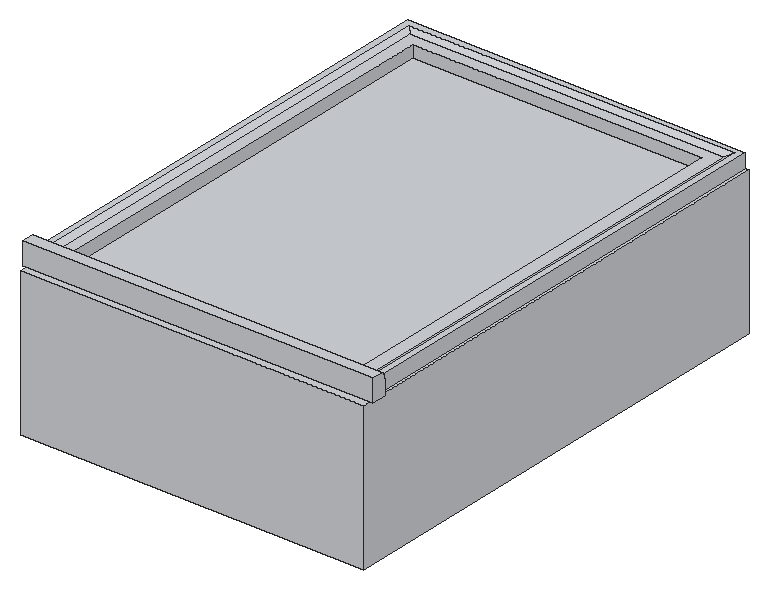
Revit family "M_Moldura-janela-exterior-molde de tijolo-colonial", category Modelos genéricos, Revit 2019
Family settings
  Hospedeiro = Face
  Pode hospedar o vergalhão = Não
  Cota do conector redondo = Utilizar diâmetro
  Tipo de parte = Normal
  Corte com vazios quando carregada = Não
  Compartilhado = Sim
  Ponto de cálculo do ambiente = Não
Parameters (values of type "Padrão")
  Largura da apara = 50 mm
  Espessura da apara = 30 mm
  Material da apara [instance] = none
  Espessura do peitoril = 30 mm
  Largura da abertura [instance] = 600 mm
  Altura da abertura [instance] = 900 mm
  Elevação-padrão = 1200 mm
Reference planes
  plane 1 "Centro (Frente/Trás)": y = 0
  plane 2: z = 0
  plane 3 "Centro (Esquerda/Direita)": x = 0
  plane 4: y = 50
  plane 5 "Esquerda": x = -300
  plane 6 "Direita": x = 300
  plane 7 "Inferior": y = -900
  plane 8: x = 350
  plane 9 "1": x = -350
  plane 10: z = 30
  plane 11: x = 362.7
  plane 12: x = -362.7
  plane 13: y = -930
  plane 14: y = -450
  plane 15: z = 45.875
  plane 16: z = 18.887
  plane 17: z = 24.444
  plane 18: x = -312.5
  plane 19: x = -325
  plane 20: x = -337.5
Forms (mm)
  Extrusion 1, solid
    sketch origin (0, 0, 0) x (1, 0, 0) y (0, 1, 0)
      loop
        line (-355.6, 50.8) -> (-355.6, -946.15) -> (355.6, -946.15) -> (355.6, 50.8) -> (-355.6, 50.8)
    from 0 to -304.8
  Extrusion 2, solid, material <- "Material da apara"
    sketch origin (0, 0, 0) x (0, 1, 0) y (0, 0, 1)
      loop
        line (-900, 0) -> (-900, 30) -> (-905.778, 45.875) -> (-930, 45.875) -> (-930, 0) -> (-900, 0)
    from -362.7 to 362.7
  Sweep 3, solid, material <- "Material da apara"
    path origin (0, 0, 0) x (1, 0, 0) y (0, 1, 0)
      loop
        line (300, -900) -> (300, 0) -> (-300, 0) -> (-300, -900)
    profile origin (-300, -450, 0) x (1, 0, 0) y (0, 0, 1)
      loop
        line (0, 0) -> (0, 24.444) -> (-25, 24.444) -> (-37.5, 30) -> (-50, 30) -> (-50, 0) -> (0, 0)
Dimensions and locks
  equal spacing: plane 5 "Esquerda", plane 3 "Centro (Esquerda/Direita)", plane 6 "Direita"
  "Largura da abertura": plane 5 "Esquerda" to plane 6 "Direita"
  "Altura da abertura": plane 7 "Inferior" to plane 1 "Centro (Frente/Trás)"
  "Largura da apara": plane 9 "1" to plane 5 "Esquerda"
  "Largura da apara": plane 6 "Direita" to plane 8
  "Largura da apara": plane 1 "Centro (Frente/Trás)" to plane 4
  plane 12 to plane 9 "1" = 12.7 mm
  locked: plane 8 to plane 11 at 12.7
  equal spacing: plane 7 "Inferior", plane 14, plane 1 "Centro (Frente/Trás)"
  "Espessura da apara": plane 10 to plane 2
  "Espessura do peitoril": plane 7 "Inferior" to plane 13
  locked: plane 15 to plane 10 at 15.875
  plane 16 to plane 10 = 11.113 mm
  equal spacing: plane 16, plane 17, plane 10
  equal spacing: plane 5 "Esquerda", plane 18, plane 19, plane 20, plane 9 "1"
  locked: plane 7 "Inferior" to Extrusion 2 sketch curve (angle 20.00°)
  aligned and locked: plane 2 to Extrusion 1
  aligned and locked: level to Extrusion 1
  aligned and locked: Extrusion 2 sketch curve to level
  aligned and locked: plane 12 to Extrusion 2
  aligned and locked: Extrusion 2 to plane 11
  aligned and locked: Sweep 3 sketch curve to plane 5 "Esquerda"
  aligned and locked: Sweep 3 sketch curve to plane 1 "Centro (Frente/Trás)"
  aligned and locked: Sweep 3 sketch curve to plane 6 "Direita"
  aligned and locked: plane 7 "Inferior" to Sweep 3 sketch curve  (x2)
  aligned and locked: plane 15 to Extrusion 2 sketch curve
  aligned and locked: plane 13 to Extrusion 2 sketch curve
  aligned and locked: plane 10 to Sweep 3 sketch curve
  aligned and locked: plane 9 "1" to Sweep 3 sketch curve  (x2)
  aligned and locked: plane 5 "Esquerda" to Sweep 3 sketch curve  (x2)
  aligned and locked: Sweep 3 sketch curve to plane 2
  aligned and locked: plane 19 to Sweep 3 sketch curve
  aligned and locked: Sweep 3 sketch curve to plane 17
  aligned and locked: Sweep 3 sketch curve to plane 10
  aligned and locked: plane 20 to Sweep 3 sketch curve
  aligned and locked: plane 17 to Sweep 3 sketch curve
Automatic sketch dimensions
  Extrusion 1 sketch curve to Extrusion 1 sketch curve = 711.2 mm
  Extrusion 1 sketch curve to Extrusion 1 sketch curve = 996.95 mm
  Extrusion 2 sketch curve to plane 7 "Inferior" = 0 mm
  Extrusion 2 sketch curve to plane 10 = 0 mm
